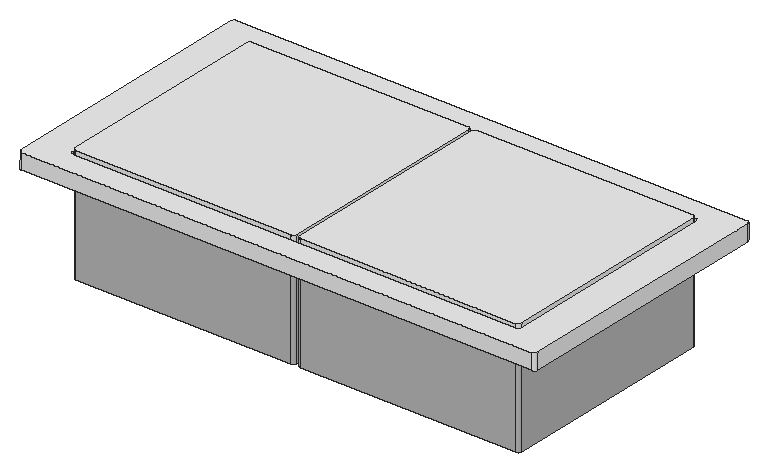
Revit family "Schneider_D-Life_2-elementos", category Electrical Fixtures, host Face, Revit 2015
Parameters (values of type "Estándar")
  Versión = "L2.00"  # constant formula
  Vacío.Espesor = 30 mm
  Tecla.Simetría [instance] = no
  Tecla.Perpendicular [instance] = no
  Símbolo2.dx.Control [instance] = Símbolo2.dx - 35 mm + Desfase * 0  # -55 mm
  Símbolo2.dx [instance] = -20 mm
  Símbolo1.dx.Control [instance] = Símbolo1.dx + 35 mm + Desfase * 0  # 55 mm
  Símbolo.dy [instance] = 40 mm
  Símbolo1.dx [instance] = 20 mm
  Símbolo.Giro [instance] = 0.00°
  Revisado por = "000"  # constant formula
  Modificado por = "000"  # constant formula
  Modelado por = "034"  # constant formula
  Marco.Tipo = Schneider_D-Life_Marco_2-elementos : Ártico
  Elemento2.Tipo = Schneider_D-Life_Mecanismo-Tecla_Accesorios-Zumbador : Timbre-Ártico
  Elemento1.Tipo = Schneider_D-Life_Mecanismo-Tecla_Accesorios-Zumbador : Timbre-Ártico
  Desfase.Z.Positivo [instance] = if(Desfase > 0 mm, Desfase, 0 mm)  # 0 mm
  Desfase.Z.Negativo [instance] = if(Desfase < 0 mm, -1 * Desfase, 0 mm)  # 0 mm
  Desfase [instance] = 0 mm
  Default Elevation = 1000 mm
  Autor.URL = "www.a3d.es"
  Autor = "A3D Consulting"  # constant formula
Reference planes
  plane 1 "Centro (Frontal/Posterior)": y = 0
  plane 2: z = 0
  plane 3 "Centro (Izquierda/Derecha)": x = 0
  plane 4 "Geometría.Z.Positivo": z = 0
  plane 5 "Geometría.Z.Negativo": z = 0
  plane 6 "Inferior": z = -30
Forms (mm)
  Sweep 1, void
    path origin (0, 0, 0) x (1, 0, 0) y (0, 0, 1)
      loop
        line (0, 0) -> (0, -30)
    profile origin (0, 0, -15) x (0, -1, 0) y (1, 0, 0)
      loop
        line (-35, 69.3) -> (-35, -69.3)
        arc (-35, -69.3) -> (-34.707, -70.007) -> (-34, -70.3) r 1
        line (-34, -70.3) -> (34, -70.3)
        arc (34, -70.3) -> (34.707, -70.007) -> (35, -69.3) r 1
        line (35, -69.3) -> (35, 69.3)
        arc (35, 69.3) -> (34.707, 70.007) -> (34, 70.3) r 1
        line (34, 70.3) -> (-34, 70.3)
        arc (-34, 70.3) -> (-34.707, 70.007) -> (-35, 69.3) r 1
Text (mm)
  text "A3D CONSULTING INTEGRATED BIM SOLUTIONS, S.L.\n\nCONTRATO DE LICENCIA DE USUARIO FINAL\n\n\n\n\n\nAVISO A LOS USUARIOS: LEA ATENTAMENTE EL SIGUIENTE CONTRATO ANTES DE CONTINUAR. EL USO DEL CONTENIDO BIM EN FORMATO REVIT QUE SE ACOMPAÑA DEL PRESENTE ACUERDO (\"CONTENIDO BIM A3D CONSULTING\") CONSTITUYE SU ACEPTACIÓN DE ESTOS TÉRMINOS. SI USTED NO ESTÁ DE ACUERDO CON LAS CONDICIONES DE ESTE ACUERDO NO ABRA, ACCEDA DIRECTA O INDIRECTAMENTE, MODIFIQUE,  COPIE NI USE EL CONTENIDO BIM A3D CONSULTING, NI TOTAL NI PARCIALMENTE. EL USO DEL CONTENIDO BIM A3D CONSULTING POR PARTE DEL USUARIO ESTÁ CONDICIONADO AL CUMPLIMIENTO POR EL MISMO DE LOS TÉRMINOS DE ESTE ACUERDO.\n\n\n\n1.\tDEFINICIONES\n\nEste contrato de licencia de usuario final para el Contenido BIM A3D Consulting (“CLUF”) constituye un acuerdo legal entre usted como usuario final (ya sea persona física o entidad legalmente reconocida) (el \"Titular de la licencia\") y A3D CONSULTING INTEGRATED BIM SOLUTIONS, S.L. para el Contenido BIM A3D Consulting que acompaña a este CLUF. El Contenido BIM A3D CONSULTING consiste en uno o varios archivos en formato Autodesk Revit, pudiendo incluir elementos y medios asociados, así como la documentación \"en línea\" o electrónica (\"Contenido BIM A3D Consulting \").\n\n\n\n2.\tCONCESIÓN DE LA LICENCIA\n\nA3D CONSULTING INTEGRATED BIM SOLUTIONS, S.L. le concede una licencia para utilizar y modificar el contenido BIM incluido en una copia de Contenido BIM A3D Consulting.  El \"Titular de la licencia \" designa a la empresa, entidad o persona física, cuyos fondos son utilizados para pagar la cuota de licencia. \"Uso\" designa la copia, el almacenaje, la carga, la instalación o la muestra del Contenido BIM A3D Consulting. En virtud del presente, el Titular de la licencia no puede alquilar, arrendar, ceder, prestar, vender ni sublicenciar el Contenido BIM A3D Consulting a otra persona física, empresa o entidad.\n\n\n\n3.\tPROPIEDAD\n\nA3D CONSULTING INTEGRATED BIM SOLUTIONS, S.L. es el propietario y el titular del copyright del Contenido BIM A3D Consulting. La licencia adquirida no confiere al Titular de la licencia ningún título o propiedad sobre el contenido y no debe interpretarse como una venta de ningún derecho.\n\n\n\n4.\tCOPYRIGHT\n\nEl Contenido BIM A3D Consulting está protegido por las leyes españolas del copyright, las disposiciones de los tratados internacionales y otras leyes aplicables. En virtud del presente, el Titular de la licencia reconoce que no se le transfiere ningún título de la propiedad intelectual de A3D CONSULTING INTEGRATED BIM SOLUTIONS, S.L.. Además, el Titular de la licencia reconoce que el título y todos los derechos de autor sobre el Contenido BIM A3D Consulting seguirán siendo propiedad exclusiva de A3D CONSULTING INTEGRATED BIM SOLUTIONS, S.L. y no adquirirá ningún derecho sobre el Contenido BIM A3D Consulting, a excepción de lo expresamente establecido en esta licencia.\n\n\n\n5.\tRESPONSABILIDAD\n\nEn virtud del presente, el Titular de la licencia acepta que defenderá, indemnizará y eximirá a A3D CONSULTING INTEGRATED BIM SOLUTIONS, S.L. de cualesquiera reclamaciones o responsabilidades derivadas del uso, uso indebido, distribución o ejecución del Contenido BIM A3D Consulting de A3D CONSULTING INTEGRATED BIM SOLUTIONS, S.L., incluyendo las reclamaciones presentadas en contra del Titular de la licencia por el uso de dicho  contenido. Asimismo, el Titular de la licencia acepta eximir de toda responsabilidad y proteger a A3D CONSULTING INTEGRATED BIM SOLUTIONS, S.L. frente a cualquier tipo de demandas civiles, legales o penales. Las cantidades derivadas de dichos procesos, incluyendo resoluciones y costas judiciales, correrán a cargo del Titular de la licencia.\n\n\n\n6.\tGARANTÍA\n\nDurante un periodo de 30 días, a contar a partir de la fecha de entrega del producto, A3D CONSULTING INTEGRATED BIM SOLUTIONS, S.L. garantiza que dicho producto está libre de defectos en los materiales y la mano de obra. En caso de incumplimiento de esta garantía, el Titular de la licencia recibirá como  única compensación el reemplazo del producto. El Contenido BIM A3D Consulting y cualquier documentación relacionada se proporcionan \"tal cual\", sin garantía de ningún tipo, ya sea expresa o implícita, incluyendo, a título enunciativo pero no limitativo, las garantías implícitas o comerciabilidad, la idoneidad para un propósito particular o la inexistencia de infracción. Cualquier riesgo derivado del uso o los resultados del Contenido BIM A3D Consulting correrá a cargo del licenciatario.\n\n\n\n7.\tLEGISLACIÓN APLICABLE\n\nTodos los aspectos del presente Contrato se regirán e interpretarán de conformidad con la legislación vigente en España.\n\n\n\n8.\tENMIENDAS\n\nA3D CONSULTING INTEGRATED BIM SOLUTIONS, S.L. se reserva el derecho de modificar este acuerdo en cualquier momento.\n\n\n\n9.\tAPLICABILIDAD\n\nEn caso de que alguna de las disposiciones de este acuerdo fuera nula o inaplicable, las partes acuerdan que dicha invalidez no afectará a la validez de las disposiciones restantes de este acuerdo.\n\n\n\n- FIN DEL CONTRATO DE LICENCIA DE USUARIO FINAL -\n\nBarcelona / España, 15.02.2015\n\nA3D CONSULTING INTEGRATED BIM SOLUTIONS, S.L." at (-2386.934, 1015.184, 0), in view "CLUF"
Dimensions and locks
  "Desfase.Z.Negativo": level to plane 5 "Geometría.Z.Negativo"
  "Desfase.Z.Positivo": plane 4 "Geometría.Z.Positivo" to plane 5 "Geometría.Z.Negativo"
  "Vacío.Espesor": plane 4 "Geometría.Z.Positivo" to plane 6 "Inferior"
  aligned and locked: plane 2 to host face
  aligned and locked: level to host face
  aligned and locked: plane 6 "Inferior" to Sweep 1 sketch curve
  aligned and locked: plane 5 "Geometría.Z.Negativo" to Sweep 1 sketch curve
  aligned and locked: Sweep 1 sketch curve to plane 3 "Centro (Izquierda/Derecha)"
  aligned and locked: plane 3 "Centro (Izquierda/Derecha)" to nested 1
  aligned and locked: plane 1 "Centro (Frontal/Posterior)" to nested 1
  aligned and locked: plane 1 "Centro (Frontal/Posterior)" to nested 3
Automatic sketch dimensions
  host sketch curve to host sketch curve = 2019.003 mm
  host sketch curve to host sketch curve = 2000 mm
  Sweep 1 sketch curve to plane 1 "Centro (Frontal/Posterior)" = 35 mm
  Sweep 1 sketch curve to Sweep 1 sketch curve = 1 mm  (x3)
  profile plane to Sweep 1 sketch curve = 69.3 mm
  plane 1 "Centro (Frontal/Posterior)" to Sweep 1 sketch curve = 34 mm
  Sweep 1 sketch curve to profile plane = 69.3 mm
  Sweep 1 sketch curve to Sweep 1 sketch curve = 0 mm
Nested families
  nested 1: "Schneider_D-Life_Marco_2-elementos" at (0, 0, 0), type <- "Marco.Tipo", type "Ártico"
    with Schneider.D-Life.Cost 3.52, Marco.Anchura.Control 7 mm, Marco.Anchura 84 mm
  nested 2: "Schneider_D-Life_Mecanismo-Tecla_Accesorios-Zumbador" at (-35.15, 0, 0), type <- "Elemento1.Tipo", Tecla.Perpendicular <- "Tecla.Perpendicular", Símbolo.dx <- "Símbolo2.dx", Símbolo.Simetría <- "Tecla.Simetría", Símbolo.dy <- "Símbolo.dy", Símbolo2.dx <- "Símbolo1.dx.Control", type "Timbre-Ártico"
    with Tecla.Perpendicular no, Símbolo2.dx 55 mm, Símbolo.dy 40 mm, Símbolo.dx -20 mm, Símbolo.Simetría no
  nested 3: "Schneider_D-Life_Mecanismo-Tecla_Accesorios-Zumbador" at (35.15, 0, 0), type <- "Elemento2.Tipo", Tecla.Perpendicular <- "Tecla.Perpendicular", Símbolo.Simetría <- "Tecla.Simetría", Símbolo.dx <- "Símbolo1.dx", Símbolo.dy <- "Símbolo.dy", Símbolo2.dx <- "Símbolo2.dx.Control", type "Timbre-Ártico"
    with Tecla.Perpendicular no, Símbolo2.dx -55 mm, Símbolo.dy 40 mm, Símbolo.dx 20 mm, Símbolo.Simetría no
  nested 4: "Schneider_D-Life_Mecanismo_Accesorios_Timbre-electrónico" at (-35.15, 0, 0), type "Timbre electrónico 5 melodías"
    with Símbolo2.dx 55 mm, Símbolo.dy.Control -40 mm, Símbolo.dy 40 mm, Símbolo.dx -20 mm, Símbolo.Simetría no, Símbolo.Control yes, Schneider.D-Life.Cost 60.08, Espesor 30 mm
  nested 5: "Schneider_D-Life_Tecla_Tapa_Tapa-ciega-zumbador" at (-35.15, 0, 1), type "Ártico"
    with Ángulo.Control 0.00°, Tecla.Perpendicular no, Schneider.D-Life.Cost 6.3
  nested 6: "Schneider_D-Life_Tecla_Tapa_Tapa-ciega-zumbador" at (35.15, 0, 1), type "Ártico"
    with Schneider.D-Life.Cost 6.3
  nested 7: "Schneider_D-Life_Mecanismo_Accesorios_Timbre-electrónico" at (35.15, 0, 0), type "Timbre electrónico 5 melodías"
    with Símbolo2.dx -55 mm, Símbolo.dy.Control -40 mm, Símbolo.dy 40 mm, Símbolo.dx 20 mm, Símbolo.Simetría no, Símbolo.Control yes, Schneider.D-Life.Cost 60.08, Espesor 30 mm
Definition of nested family "Schneider_D-Life_Marco_2-elementos"
  Parameters (values of type "Estándar")
    Tecla.Longitud.Control = Tecla.Longitud * 0.8 + Espesor * 0  # 56.24 mm
    Tecla.Anchura.Control = Tecla.Anchura * 0.8 + Espesor * 0  # 56 mm
    Soporte.Espesor = 1 mm
    Schneider.D-Life.Ud.Vta = ""
    Schneider.D-Life.Reference = ""
    Schneider.D-Life.Emb = ""
    Schneider.D-Life.Cost = 0
    Revisado por = "000"  # constant formula
    Modificado por = "000"  # constant formula
    Modelado por = "034"  # constant formula
    Marco.Longitud.Control = (Marco.Longitud - 2 * Tecla.Longitud) / 2  # 10.4 mm
    Marco.Longitud = 161.4 mm
    Marco.Anchura.Control = (Marco.Anchura - Tecla.Anchura) / 2  # 9.7 mm
    Marco.Anchura = 89.4 mm
    Juntas.Desfase = 0.5 mm
    Default Elevation = 1219.2 mm
    Cuerpo.Redondeo = 1 mm
    Tecla.Anchura = 70 mm
    Espesor = 5 mm
    Versión = "L2.00"  # constant formula
    Material = none
    Tecla.Longitud = 70.3 mm
    Autor.URL = "www.a3d.es"
    Autor = "A3D Consulting"  # constant formula
    Anclaje.Recrecido = 1.375 mm
  Reference planes
    plane 1 "Centro (Frontal/Posterior)": y = 0
    plane 2: z = 0
    plane 3 "Centro (Izquierda/Derecha)": x = 0
    plane 4 "Izquierda": x = -70.3
    plane 5 "Derecha": x = 70.3
    plane 6 "Posterior": y = 35
    plane 7 "Frontal": y = -35
    plane 8 "Tapa.Superior": z = 5
    plane 9 "Soporte.Cota": z = 1
    plane 10: x = -35.15
    plane 11: x = 35.15
  Forms (mm)
    Sweep 1, solid, material <- "Material"
      path origin (0, 0, 0) x (1, 0, 0) y (0, 0, 1)
        loop
          line (0, 5) -> (0, 0)
      profile origin (0, 0, 2.5) x (0, -1, 0) y (1, 0, 0)
        loop
          arc (-44.7, -79.7) -> (-44.407, -80.407) -> (-43.7, -80.7) r 1
          line (-43.7, -80.7) -> (43.7, -80.7)
          arc (43.7, -80.7) -> (44.407, -80.407) -> (44.7, -79.7) r 1
          line (44.7, -79.7) -> (44.7, 79.7)
          arc (44.7, 79.7) -> (44.407, 80.407) -> (43.7, 80.7) r 1
          line (43.7, 80.7) -> (-43.7, 80.7)
          arc (-43.7, 80.7) -> (-44.407, 80.407) -> (-44.7, 79.7) r 1
          line (-44.7, 79.7) -> (-44.7, -79.7)
        loop
          arc (-35, -69.3) -> (-34.707, -70.007) -> (-34, -70.3) r 1
          line (-34, -70.3) -> (34, -70.3)
          arc (34, -70.3) -> (34.707, -70.007) -> (35, -69.3) r 1
          line (35, -69.3) -> (35, 69.3)
          arc (35, 69.3) -> (34.707, 70.007) -> (34, 70.3) r 1
          line (34, 70.3) -> (-34, 70.3)
          arc (-34, 70.3) -> (-34.707, 70.007) -> (-35, 69.3) r 1
          line (-35, 69.3) -> (-35, -69.3)
    Sweep 2, solid, material <- "Material"
      path origin (0, 0, 0) x (1, 0, 0) y (0, 0, 1)
        loop
          line (0, 1) -> (0, 0)
      profile origin (0, 0, 0.5) x (0, -1, 0) y (1, 0, 0)
        loop
          arc (-35, -69.3) -> (-34.707, -70.007) -> (-34, -70.3) r 1
          line (-34, -70.3) -> (34, -70.3)
          arc (34, -70.3) -> (34.707, -70.007) -> (35, -69.3) r 1
          line (35, -69.3) -> (35, 69.3)
          arc (35, 69.3) -> (34.707, 70.007) -> (34, 70.3) r 1
          line (34, 70.3) -> (-34, 70.3)
          arc (-34, 70.3) -> (-34.707, 70.007) -> (-35, 69.3) r 1
          line (-35, 69.3) -> (-35, -69.3)
        loop
          line (-26.625, -51.197) -> (-26.625, -61.895) -> (-15.975, -61.895) -> (-15.975, -60.52) -> (-5.325, -60.52) -> (-5.325, -63.27) -> (5.325, -63.27) -> (5.325, -60.52) -> (15.975, -60.52) -> (15.975, -61.895) -> (26.625, -61.895) -> (26.625, -51.197) -> (25.25, -51.197) -> (25.25, -40.499) -> (28, -40.499) -> (28, -29.801) -> (25.25, -29.801) -> (25.25, -19.103) -> (26.625, -19.103) -> (26.625, -8.405) -> (15.975, -8.405) -> (15.975, -9.78) -> (5.325, -9.78) -> (5.325, -7.03) -> (-5.325, -7.03) -> (-5.325, -9.78) -> (-15.975, -9.78) -> (-15.975, -8.405) -> (-26.625, -8.405) -> (-26.625, -19.103) -> (-25.25, -19.103) -> (-25.25, -29.801) -> (-28, -29.801) -> (-28, -40.499) -> (-25.25, -40.499) -> (-25.25, -51.197) -> (-26.625, -51.197)
        loop
          line (-26.625, 19.103) -> (-26.625, 8.405) -> (-15.975, 8.405) -> (-15.975, 9.78) -> (-5.325, 9.78) -> (-5.325, 7.03) -> (5.325, 7.03) -> (5.325, 9.78) -> (15.975, 9.78) -> (15.975, 8.405) -> (26.625, 8.405) -> (26.625, 19.103) -> (25.25, 19.103) -> (25.25, 29.801) -> (28, 29.801) -> (28, 40.499) -> (25.25, 40.499) -> (25.25, 51.197) -> (26.625, 51.197) -> (26.625, 61.895) -> (15.975, 61.895) -> (15.975, 60.52) -> (5.325, 60.52) -> (5.325, 63.27) -> (-5.325, 63.27) -> (-5.325, 60.52) -> (-15.975, 60.52) -> (-15.975, 61.895) -> (-26.625, 61.895) -> (-26.625, 51.197) -> (-25.25, 51.197) -> (-25.25, 40.499) -> (-28, 40.499) -> (-28, 29.801) -> (-25.25, 29.801) -> (-25.25, 19.103) -> (-26.625, 19.103)
  Text (mm)
    text "A3D CONSULTING INTEGRATED BIM SOLUTIONS, S.L.\n\nCONTRATO DE LICENCIA DE USUARIO FINAL\n\n\n\n\n\nAVISO A LOS USUARIOS: LEA ATENTAMENTE EL SIGUIENTE CONTRATO ANTES DE CONTINUAR. EL USO DEL CONTENIDO BIM EN FORMATO REVIT QUE SE ACOMPAÑA DEL PRESENTE ACUERDO (\"CONTENIDO BIM A3D CONSULTING\") CONSTITUYE SU ACEPTACIÓN DE ESTOS TÉRMINOS. SI USTED NO ESTÁ DE ACUERDO CON LAS CONDICIONES DE ESTE ACUERDO NO ABRA, ACCEDA DIRECTA O INDIRECTAMENTE, MODIFIQUE,  COPIE NI USE EL CONTENIDO BIM A3D CONSULTING, NI TOTAL NI PARCIALMENTE. EL USO DEL CONTENIDO BIM A3D CONSULTING POR PARTE DEL USUARIO ESTÁ CONDICIONADO AL CUMPLIMIENTO POR EL MISMO DE LOS TÉRMINOS DE ESTE ACUERDO.\n\n\n\n1.\tDEFINICIONES\n\nEste contrato de licencia de usuario final para el Contenido BIM A3D Consulting (“CLUF”) constituye un acuerdo legal entre usted como usuario final (ya sea persona física o entidad legalmente reconocida) (el \"Titular de la licencia\") y A3D CONSULTING INTEGRATED BIM SOLUTIONS, S.L. para el Contenido BIM A3D Consulting que acompaña a este CLUF. El Contenido BIM A3D CONSULTING consiste en uno o varios archivos en formato Autodesk Revit, pudiendo incluir elementos y medios asociados, así como la documentación \"en línea\" o electrónica (\"Contenido BIM A3D Consulting \").\n\n\n\n2.\tCONCESIÓN DE LA LICENCIA\n\nA3D CONSULTING INTEGRATED BIM SOLUTIONS, S.L. le concede una licencia para utilizar y modificar el contenido BIM incluido en una copia de Contenido BIM A3D Consulting.  El \"Titular de la licencia \" designa a la empresa, entidad o persona física, cuyos fondos son utilizados para pagar la cuota de licencia. \"Uso\" designa la copia, el almacenaje, la carga, la instalación o la muestra del Contenido BIM A3D Consulting. En virtud del presente, el Titular de la licencia no puede alquilar, arrendar, ceder, prestar, vender ni sublicenciar el Contenido BIM A3D Consulting a otra persona física, empresa o entidad.\n\n\n\n3.\tPROPIEDAD\n\nA3D CONSULTING INTEGRATED BIM SOLUTIONS, S.L. es el propietario y el titular del copyright del Contenido BIM A3D Consulting. La licencia adquirida no confiere al Titular de la licencia ningún título o propiedad sobre el contenido y no debe interpretarse como una venta de ningún derecho.\n\n\n\n4.\tCOPYRIGHT\n\nEl Contenido BIM A3D Consulting está protegido por las leyes españolas del copyright, las disposiciones de los tratados internacionales y otras leyes aplicables. En virtud del presente, el Titular de la licencia reconoce que no se le transfiere ningún título de la propiedad intelectual de A3D CONSULTING INTEGRATED BIM SOLUTIONS, S.L.. Además, el Titular de la licencia reconoce que el título y todos los derechos de autor sobre el Contenido BIM A3D Consulting seguirán siendo propiedad exclusiva de A3D CONSULTING INTEGRATED BIM SOLUTIONS, S.L. y no adquirirá ningún derecho sobre el Contenido BIM A3D Consulting, a excepción de lo expresamente establecido en esta licencia.\n\n\n\n5.\tRESPONSABILIDAD\n\nEn virtud del presente, el Titular de la licencia acepta que defenderá, indemnizará y eximirá a A3D CONSULTING INTEGRATED BIM SOLUTIONS, S.L. de cualesquiera reclamaciones o responsabilidades derivadas del uso, uso indebido, distribución o ejecución del Contenido BIM A3D Consulting de A3D CONSULTING INTEGRATED BIM SOLUTIONS, S.L., incluyendo las reclamaciones presentadas en contra del Titular de la licencia por el uso de dicho  contenido. Asimismo, el Titular de la licencia acepta eximir de toda responsabilidad y proteger a A3D CONSULTING INTEGRATED BIM SOLUTIONS, S.L. frente a cualquier tipo de demandas civiles, legales o penales. Las cantidades derivadas de dichos procesos, incluyendo resoluciones y costas judiciales, correrán a cargo del Titular de la licencia.\n\n\n\n6.\tGARANTÍA\n\nDurante un periodo de 30 días, a contar a partir de la fecha de entrega del producto, A3D CONSULTING INTEGRATED BIM SOLUTIONS, S.L. garantiza que dicho producto está libre de defectos en los materiales y la mano de obra. En caso de incumplimiento de esta garantía, el Titular de la licencia recibirá como  única compensación el reemplazo del producto. El Contenido BIM A3D Consulting y cualquier documentación relacionada se proporcionan \"tal cual\", sin garantía de ningún tipo, ya sea expresa o implícita, incluyendo, a título enunciativo pero no limitativo, las garantías implícitas o comerciabilidad, la idoneidad para un propósito particular o la inexistencia de infracción. Cualquier riesgo derivado del uso o los resultados del Contenido BIM A3D Consulting correrá a cargo del licenciatario.\n\n\n\n7.\tLEGISLACIÓN APLICABLE\n\nTodos los aspectos del presente Contrato se regirán e interpretarán de conformidad con la legislación vigente en España.\n\n\n\n8.\tENMIENDAS\n\nA3D CONSULTING INTEGRATED BIM SOLUTIONS, S.L. se reserva el derecho de modificar este acuerdo en cualquier momento.\n\n\n\n9.\tAPLICABILIDAD\n\nEn caso de que alguna de las disposiciones de este acuerdo fuera nula o inaplicable, las partes acuerdan que dicha invalidez no afectará a la validez de las disposiciones restantes de este acuerdo.\n\n\n\n- FIN DEL CONTRATO DE LICENCIA DE USUARIO FINAL -\n\nBarcelona / España, 15.02.2015\n\nA3D CONSULTING INTEGRATED BIM SOLUTIONS, S.L." at (2.016, -2, 0), in view "CLUF"
  Dimensions and locks
    equal spacing: plane 4 "Izquierda", plane 3 "Centro (Izquierda/Derecha)", plane 5 "Derecha"
    equal spacing: plane 7 "Frontal", plane 1 "Centro (Frontal/Posterior)", plane 6 "Posterior"
    "Tecla.Anchura": plane 7 "Frontal" to plane 6 "Posterior"
    "Espesor": plane 8 "Tapa.Superior" to plane 2
    "Marco.Anchura.Control": Sweep 1 sketch curve to plane 6 "Posterior"
    "Marco.Anchura.Control": Sweep 1 sketch curve to plane 7 "Frontal"
    "Marco.Longitud.Control": Sweep 1 sketch curve to plane 4 "Izquierda"
    "Marco.Longitud.Control": plane 5 "Derecha" to Sweep 1 sketch curve
    "Tecla.Longitud": plane 4 "Izquierda" to plane 3 "Centro (Izquierda/Derecha)"
    "Tecla.Longitud": plane 3 "Centro (Izquierda/Derecha)" to plane 5 "Derecha"
    "Soporte.Espesor": plane 9 "Soporte.Cota" to plane 2
    equal spacing: plane 10, plane 3 "Centro (Izquierda/Derecha)", plane 11
    equal spacing: plane 4 "Izquierda", plane 10, plane 3 "Centro (Izquierda/Derecha)"
    equal spacing: Sweep 2 sketch curve, plane 10, Sweep 2 sketch curve
    equal spacing: Sweep 2 sketch curve, plane 1 "Centro (Frontal/Posterior)", Sweep 2 sketch curve  (x3)
    equal spacing: Sweep 2 sketch curve, Sweep 2 sketch curve, Sweep 2 sketch curve, Sweep 2 sketch curve, Sweep 2 sketch curve, Sweep 2 sketch curve  (x4)
    "Anclaje.Recrecido": Sweep 2 sketch curve to Sweep 2 sketch curve  (x16)
    "Tecla.Anchura.Control": Sweep 2 sketch curve to Sweep 2 sketch curve  (x2)
    "Tecla.Longitud.Control": Sweep 2 sketch curve to Sweep 2 sketch curve  (x2)
    equal spacing: Sweep 2 sketch curve, plane 11, Sweep 2 sketch curve
    "Cuerpo.Redondeo": radius of Sweep 1 sketch curve  (x8)
    "Cuerpo.Redondeo": radius of Sweep 2 sketch curve  (x4)
    aligned and locked: level to plane 2
    aligned and locked: plane 8 "Tapa.Superior" to Sweep 1 sketch curve
    aligned and locked: plane 2 to Sweep 1 sketch curve
    aligned and locked: Sweep 1 sketch curve to plane 3 "Centro (Izquierda/Derecha)"
    aligned and locked: plane 4 "Izquierda" to Sweep 1 sketch curve
    aligned and locked: Sweep 1 sketch curve to plane 7 "Frontal"
    aligned and locked: plane 5 "Derecha" to Sweep 1 sketch curve
    aligned and locked: Sweep 1 sketch curve to plane 6 "Posterior"
    aligned and locked: plane 2 to Sweep 2 sketch curve
    aligned and locked: plane 9 "Soporte.Cota" to Sweep 2 sketch curve
    aligned and locked: Sweep 2 sketch curve to plane 3 "Centro (Izquierda/Derecha)"
    aligned and locked: Sweep 2 sketch curve to plane 7 "Frontal"
    aligned and locked: plane 5 "Derecha" to Sweep 2 sketch curve
    aligned and locked: Sweep 2 sketch curve to plane 6 "Posterior"
    aligned and locked: plane 4 "Izquierda" to Sweep 2 sketch curve
    aligned and locked: Sweep 2 sketch curve to Sweep 2 sketch curve  (x30)
  Automatic sketch dimensions
    Sweep 2 sketch curve to plane 1 "Centro (Frontal/Posterior)" = 5.325 mm
Definition of nested family "Schneider_D-Life_Mecanismo_Accesorios_Timbre-electrónico"
  Parameters (values of type "Estándar")
    Tapa.Fondo.Espesor = 5 mm
    Símbolo2.dx [instance] = 0 mm
    Símbolo.dy.Control [instance] = -Símbolo.dy - Marco.Espesor * 0  # 0 mm
    Símbolo.dy [instance] = 0 mm
    Símbolo.dx [instance] = 0 mm
    Símbolo.Simetría [instance] = yes
    Símbolo.Control [instance] = not(Símbolo.Simetría)  # no
    Schneider.D-Life.Reference = ""
    Schneider.D-Life.Cost = 0
    Revisado por = "000"  # constant formula
    Marco.Espesor = 5 mm
    Agujero.Longitud = Longitud - Marco.Espesor * 2  # 60.3 mm
    Agujero.Anchura = Anchura - Marco.Espesor * 2  # 60 mm
    Modificado por = "000"  # constant formula
    Modelado por = "034"  # constant formula
    Juntas.Desfase = 0.5 mm
    Default Elevation = 1219.2 mm
    Cuerpo.Redondeo = 1 mm
    Anchura = 70 mm
    Espesor = 20 mm
    Versión = "L2.00"  # constant formula
    Material = none
    Longitud = 70.3 mm
    Autor.URL = "www.a3d.es"
    Autor = "A3D Consulting"  # constant formula
  Reference planes
    plane 1 "Centro (Frontal/Posterior)": y = 0
    plane 2: z = 0
    plane 3 "Centro (Izquierda/Derecha)": x = 0
    plane 4 "Izquierda": x = -35.15
    plane 5 "Derecha": x = 35.15
    plane 6 "Posterior": y = 35
    plane 7 "Frontal": y = -35
    plane 8 "Tecla.Izquierda": x = -34.65
    plane 9 "Tecla.Derecha": x = 34.65
    plane 10 "Tecla.Frontal": y = -34.5
    plane 11 "Tecla.Posterior": y = 34.5
    plane 12 "Mecanismo.Inferior": z = -20
    plane 13 "Tapa.Eje": z = -15
  Forms (mm)
    Sweep 1, void
      path origin (0, 34.5, 0) x (-1, 0, 0) y (0, 0, 1)
        loop
          line (34.65, 0) -> (34.65, -20)
      profile origin (-34.65, 34.5, -10) x (0, 1, 0) y (-1, 0, 0)
        loop
          line (0, 0) -> (-1, 0)
          arc (-1, 0) -> (-0.293, -0.293) -> (0, -1) r 1
          line (0, -1) -> (0, 0)
    Sweep 2, void
      path origin (38.686, 34.5, 0) x (-1, 0, 0) y (0, 0, 1)
        loop
          line (4.036, 0) -> (4.036, -20)
      profile origin (34.65, 34.5, -10) x (0, 1, 0) y (-1, 0, 0)
        loop
          line (0, 0) -> (0, 1)
          arc (0, 1) -> (-0.293, 0.293) -> (-1, 0) r 1
          line (-1, 0) -> (0, 0)
    Sweep 3, void
      path origin (0, -34.5, 0) x (-1, 0, 0) y (0, 0, 1)
        loop
          line (34.65, 0) -> (34.65, -20)
      profile origin (-34.65, -34.5, -10) x (0, 1, 0) y (-1, 0, 0)
        loop
          line (0, 0) -> (0, -1)
          arc (0, -1) -> (0.293, -0.293) -> (1, 0) r 1
          line (1, 0) -> (0, 0)
    Sweep 4, void
      path origin (0, -34.5, 0) x (-1, 0, 0) y (0, 0, 1)
        loop
          line (-34.65, 0) -> (-34.65, -20)
      profile origin (34.65, -34.5, -10) x (0, 1, 0) y (-1, 0, 0)
        loop
          line (0, 0) -> (1, 0)
          arc (1, 0) -> (0.293, 0.293) -> (0, 1) r 1
          line (0, 1) -> (0, 0)
    Sweep 5, solid, material <- "Material"
      path origin (0, 0, 0) x (1, 0, 0) y (0, 0, 1)
        loop
          line (0, -20) -> (0, -15)
      profile origin (0, 0, -17.5) x (-1, 0, 0) y (0, -1, 0)
        loop
          line (-34.65, -34.5) -> (34.65, -34.5) -> (34.65, 34.5) -> (-34.65, 34.5) -> (-34.65, -34.5)
    Sweep 6, solid, material <- "Material"
      path origin (0, 0, 0) x (1, 0, 0) y (0, 0, 1)
        loop
          line (0, 0) -> (0, -15)
      profile origin (0, 0, -7.5) x (0, -1, 0) y (1, 0, 0)
        loop
          line (-34.5, -34.65) -> (34.5, -34.65) -> (34.5, 34.65) -> (-34.5, 34.65) -> (-34.5, -34.65)
        loop
          arc (-30, -29.15) -> (-29.707, -29.857) -> (-29, -30.15) r 1
          line (-29, -30.15) -> (29, -30.15)
          arc (29, -30.15) -> (29.707, -29.857) -> (30, -29.15) r 1
          line (30, -29.15) -> (30, 29.15)
          arc (30, 29.15) -> (29.707, 29.857) -> (29, 30.15) r 1
          line (29, 30.15) -> (-29, 30.15)
          arc (-29, 30.15) -> (-29.707, 29.857) -> (-30, 29.15) r 1
          line (-30, 29.15) -> (-30, -29.15)
  Cuts and joins
    Sweep 1, Sweep 2, Sweep 3, Sweep 4 cuts Sweep 5
    Sweep 1, Sweep 2, Sweep 3, Sweep 4 cuts Sweep 6
    joined: Sweep 5, Sweep 6
  Text (mm)
    text "A3D CONSULTING INTEGRATED BIM SOLUTIONS, S.L.\n\nCONTRATO DE LICENCIA DE USUARIO FINAL\n\n\n\n\n\nAVISO A LOS USUARIOS: LEA ATENTAMENTE EL SIGUIENTE CONTRATO ANTES DE CONTINUAR. EL USO DEL CONTENIDO BIM EN FORMATO REVIT QUE SE ACOMPAÑA DEL PRESENTE ACUERDO (\"CONTENIDO BIM A3D CONSULTING\") CONSTITUYE SU ACEPTACIÓN DE ESTOS TÉRMINOS. SI USTED NO ESTÁ DE ACUERDO CON LAS CONDICIONES DE ESTE ACUERDO NO ABRA, ACCEDA DIRECTA O INDIRECTAMENTE, MODIFIQUE,  COPIE NI USE EL CONTENIDO BIM A3D CONSULTING, NI TOTAL NI PARCIALMENTE. EL USO DEL CONTENIDO BIM A3D CONSULTING POR PARTE DEL USUARIO ESTÁ CONDICIONADO AL CUMPLIMIENTO POR EL MISMO DE LOS TÉRMINOS DE ESTE ACUERDO.\n\n\n\n1.\tDEFINICIONES\n\nEste contrato de licencia de usuario final para el Contenido BIM A3D Consulting (“CLUF”) constituye un acuerdo legal entre usted como usuario final (ya sea persona física o entidad legalmente reconocida) (el \"Titular de la licencia\") y A3D CONSULTING INTEGRATED BIM SOLUTIONS, S.L. para el Contenido BIM A3D Consulting que acompaña a este CLUF. El Contenido BIM A3D CONSULTING consiste en uno o varios archivos en formato Autodesk Revit, pudiendo incluir elementos y medios asociados, así como la documentación \"en línea\" o electrónica (\"Contenido BIM A3D Consulting \").\n\n\n\n2.\tCONCESIÓN DE LA LICENCIA\n\nA3D CONSULTING INTEGRATED BIM SOLUTIONS, S.L. le concede una licencia para utilizar y modificar el contenido BIM incluido en una copia de Contenido BIM A3D Consulting.  El \"Titular de la licencia \" designa a la empresa, entidad o persona física, cuyos fondos son utilizados para pagar la cuota de licencia. \"Uso\" designa la copia, el almacenaje, la carga, la instalación o la muestra del Contenido BIM A3D Consulting. En virtud del presente, el Titular de la licencia no puede alquilar, arrendar, ceder, prestar, vender ni sublicenciar el Contenido BIM A3D Consulting a otra persona física, empresa o entidad.\n\n\n\n3.\tPROPIEDAD\n\nA3D CONSULTING INTEGRATED BIM SOLUTIONS, S.L. es el propietario y el titular del copyright del Contenido BIM A3D Consulting. La licencia adquirida no confiere al Titular de la licencia ningún título o propiedad sobre el contenido y no debe interpretarse como una venta de ningún derecho.\n\n\n\n4.\tCOPYRIGHT\n\nEl Contenido BIM A3D Consulting está protegido por las leyes españolas del copyright, las disposiciones de los tratados internacionales y otras leyes aplicables. En virtud del presente, el Titular de la licencia reconoce que no se le transfiere ningún título de la propiedad intelectual de A3D CONSULTING INTEGRATED BIM SOLUTIONS, S.L.. Además, el Titular de la licencia reconoce que el título y todos los derechos de autor sobre el Contenido BIM A3D Consulting seguirán siendo propiedad exclusiva de A3D CONSULTING INTEGRATED BIM SOLUTIONS, S.L. y no adquirirá ningún derecho sobre el Contenido BIM A3D Consulting, a excepción de lo expresamente establecido en esta licencia.\n\n\n\n5.\tRESPONSABILIDAD\n\nEn virtud del presente, el Titular de la licencia acepta que defenderá, indemnizará y eximirá a A3D CONSULTING INTEGRATED BIM SOLUTIONS, S.L. de cualesquiera reclamaciones o responsabilidades derivadas del uso, uso indebido, distribución o ejecución del Contenido BIM A3D Consulting de A3D CONSULTING INTEGRATED BIM SOLUTIONS, S.L., incluyendo las reclamaciones presentadas en contra del Titular de la licencia por el uso de dicho  contenido. Asimismo, el Titular de la licencia acepta eximir de toda responsabilidad y proteger a A3D CONSULTING INTEGRATED BIM SOLUTIONS, S.L. frente a cualquier tipo de demandas civiles, legales o penales. Las cantidades derivadas de dichos procesos, incluyendo resoluciones y costas judiciales, correrán a cargo del Titular de la licencia.\n\n\n\n6.\tGARANTÍA\n\nDurante un periodo de 30 días, a contar a partir de la fecha de entrega del producto, A3D CONSULTING INTEGRATED BIM SOLUTIONS, S.L. garantiza que dicho producto está libre de defectos en los materiales y la mano de obra. En caso de incumplimiento de esta garantía, el Titular de la licencia recibirá como  única compensación el reemplazo del producto. El Contenido BIM A3D Consulting y cualquier documentación relacionada se proporcionan \"tal cual\", sin garantía de ningún tipo, ya sea expresa o implícita, incluyendo, a título enunciativo pero no limitativo, las garantías implícitas o comerciabilidad, la idoneidad para un propósito particular o la inexistencia de infracción. Cualquier riesgo derivado del uso o los resultados del Contenido BIM A3D Consulting correrá a cargo del licenciatario.\n\n\n\n7.\tLEGISLACIÓN APLICABLE\n\nTodos los aspectos del presente Contrato se regirán e interpretarán de conformidad con la legislación vigente en España.\n\n\n\n8.\tENMIENDAS\n\nA3D CONSULTING INTEGRATED BIM SOLUTIONS, S.L. se reserva el derecho de modificar este acuerdo en cualquier momento.\n\n\n\n9.\tAPLICABILIDAD\n\nEn caso de que alguna de las disposiciones de este acuerdo fuera nula o inaplicable, las partes acuerdan que dicha invalidez no afectará a la validez de las disposiciones restantes de este acuerdo.\n\n\n\n- FIN DEL CONTRATO DE LICENCIA DE USUARIO FINAL -\n\nBarcelona / España, 15.02.2015\n\nA3D CONSULTING INTEGRATED BIM SOLUTIONS, S.L." at (2.016, -2, 0), in view "CLUF"
  Dimensions and locks
    equal spacing: plane 4 "Izquierda", plane 3 "Centro (Izquierda/Derecha)", plane 5 "Derecha"
    "Longitud": plane 4 "Izquierda" to plane 5 "Derecha"
    equal spacing: plane 7 "Frontal", plane 1 "Centro (Frontal/Posterior)", plane 6 "Posterior"
    "Anchura": plane 7 "Frontal" to plane 6 "Posterior"
    "Juntas.Desfase": plane 7 "Frontal" to plane 10 "Tecla.Frontal"
    "Juntas.Desfase": plane 6 "Posterior" to plane 11 "Tecla.Posterior"
    "Juntas.Desfase": plane 4 "Izquierda" to plane 8 "Tecla.Izquierda"
    "Juntas.Desfase": plane 9 "Tecla.Derecha" to plane 5 "Derecha"
    "Cuerpo.Redondeo": plane 8 "Tecla.Izquierda" to Sweep 1 sketch curve
    "Cuerpo.Redondeo": plane 11 "Tecla.Posterior" to Sweep 1 sketch curve
    "Cuerpo.Redondeo": Sweep 2 sketch curve to plane 9 "Tecla.Derecha"
    "Cuerpo.Redondeo": plane 11 "Tecla.Posterior" to Sweep 2 sketch curve
    "Cuerpo.Redondeo": plane 8 "Tecla.Izquierda" to Sweep 3 sketch curve
    "Cuerpo.Redondeo": Sweep 3 sketch curve to plane 10 "Tecla.Frontal"
    "Cuerpo.Redondeo": Sweep 4 sketch curve to plane 10 "Tecla.Frontal"
    "Cuerpo.Redondeo": Sweep 4 sketch curve to plane 9 "Tecla.Derecha"
    "Espesor": plane 2 to plane 12 "Mecanismo.Inferior"
    "Tapa.Fondo.Espesor": plane 13 "Tapa.Eje" to plane 12 "Mecanismo.Inferior"
    equal spacing: Sweep 6 sketch curve, plane 3 "Centro (Izquierda/Derecha)", Sweep 6 sketch curve
    "Agujero.Longitud": Sweep 6 sketch curve to Sweep 6 sketch curve
    equal spacing: Sweep 6 sketch curve, plane 1 "Centro (Frontal/Posterior)", Sweep 6 sketch curve
    "Agujero.Anchura": Sweep 6 sketch curve to Sweep 6 sketch curve
    "Cuerpo.Redondeo": radius of Sweep 1 sketch curve
    "Cuerpo.Redondeo": radius of Sweep 2 sketch curve
    "Cuerpo.Redondeo": radius of Sweep 3 sketch curve
    "Cuerpo.Redondeo": radius of Sweep 4 sketch curve
    "Cuerpo.Redondeo": radius of Sweep 6 sketch curve  (x4)
    aligned and locked: level to plane 2
    aligned and locked: Sweep 1 sketch curve to plane 8 "Tecla.Izquierda"
    aligned and locked: plane 8 "Tecla.Izquierda" to Sweep 1 sketch curve
    aligned and locked: Sweep 1 sketch curve to plane 11 "Tecla.Posterior"
    aligned and locked: Sweep 2 sketch curve to plane 9 "Tecla.Derecha"
    aligned and locked: plane 11 "Tecla.Posterior" to Sweep 2 sketch curve
    aligned and locked: plane 9 "Tecla.Derecha" to Sweep 2 sketch curve
    aligned and locked: Sweep 3 sketch curve to plane 8 "Tecla.Izquierda"  (x2)
    aligned and locked: Sweep 4 sketch curve to plane 9 "Tecla.Derecha"  (x2)
    aligned and locked: Sweep 3 sketch curve to plane 10 "Tecla.Frontal"
    aligned and locked: plane 10 "Tecla.Frontal" to Sweep 4 sketch curve
    aligned and locked: Sweep 5 sketch curve to plane 3 "Centro (Izquierda/Derecha)"
    aligned and locked: plane 13 "Tapa.Eje" to Sweep 6 sketch curve
    aligned and locked: Sweep 6 sketch curve to plane 3 "Centro (Izquierda/Derecha)"
    aligned and locked: plane 10 "Tecla.Frontal" to Sweep 6 sketch curve
    aligned and locked: Sweep 6 sketch curve to plane 9 "Tecla.Derecha"
    aligned and locked: Sweep 6 sketch curve to plane 11 "Tecla.Posterior"
    aligned and locked: plane 8 "Tecla.Izquierda" to Sweep 6 sketch curve
    aligned and locked: plane 12 "Mecanismo.Inferior" to Sweep 5 sketch curve
    aligned and locked: plane 13 "Tapa.Eje" to Sweep 5 sketch curve
    aligned and locked: plane 2 to Sweep 6 sketch curve
    aligned and locked: plane 12 "Mecanismo.Inferior" to Sweep 3 sketch curve
    aligned and locked: plane 2 to Sweep 3 sketch curve
    aligned and locked: plane 12 "Mecanismo.Inferior" to Sweep 1 sketch curve
    aligned and locked: plane 2 to Sweep 1 sketch curve
    aligned and locked: plane 12 "Mecanismo.Inferior" to Sweep 4 sketch curve
    aligned and locked: plane 2 to Sweep 4 sketch curve
    aligned and locked: plane 12 "Mecanismo.Inferior" to Sweep 2 sketch curve
    aligned and locked: plane 2 to Sweep 2 sketch curve
    aligned and locked: Sweep 5 sketch curve to plane 11 "Tecla.Posterior"
    aligned and locked: plane 8 "Tecla.Izquierda" to Sweep 5 sketch curve
    aligned and locked: Sweep 5 sketch curve to plane 9 "Tecla.Derecha"
    aligned and locked: plane 10 "Tecla.Frontal" to Sweep 5 sketch curve
  Nested families
    nested 1: "Schneider_Símbolo_Timbre" at (0, 0, 0) x (0, 1, 0) z (1, 0, 0), Desfase.X <- "Símbolo2.dx", Desfase.Y <- "Símbolo.dy", visible <- "Símbolo.Control", Visibilidad <- "Símbolo.Control", type "Estándar"
      with Visibilidad no, Desfase.Y.Positivo 0 mm, Desfase.Y.Negativo 0 mm, Desfase.Y 0 mm, Desfase.X.Positivo 0 mm, Desfase.X.Negativo 0 mm, Desfase.X 0 mm
    nested 2: "Schneider_Símbolo_Timbre" at (0, 0, 0) x (1, 0, 0) z (0, -1, 0), Desfase.X <- "Símbolo.dx", Desfase.Y <- "Símbolo.dy", visible <- "Símbolo.Control", Visibilidad <- "Símbolo.Control", type "Estándar"
      with Visibilidad no, Desfase.Y.Positivo 0 mm, Desfase.Y.Negativo 0 mm, Desfase.Y 0 mm, Desfase.X.Positivo 0 mm, Desfase.X.Negativo 0 mm, Desfase.X 0 mm
    nested 3: "Schneider_Símbolo_Timbre" at (0, 0, 100) x (0, 1, 0) z (1, 0, 0), Desfase.X <- "Símbolo2.dx", Desfase.Y <- "Símbolo.dy.Control", visible <- "Símbolo.Simetría", Visibilidad <- "Símbolo.Simetría", type "Estándar"
      with Visibilidad yes, Desfase.Y.Positivo 0 mm, Desfase.Y.Negativo 0 mm, Desfase.Y 0 mm, Desfase.X.Positivo 0 mm, Desfase.X.Negativo 0 mm, Desfase.X 0 mm
    nested 4: "Schneider_Símbolo_Timbre" at (0, 0, 100) x (1, 0, 0) z (0, -1, 0), Desfase.X <- "Símbolo.dx", Desfase.Y <- "Símbolo.dy.Control", Visibilidad <- "Símbolo.Simetría", visible <- "Símbolo.Simetría", type "Estándar"
      with Visibilidad yes, Desfase.Y.Positivo 0 mm, Desfase.Y.Negativo 0 mm, Desfase.Y 0 mm, Desfase.X.Positivo 0 mm, Desfase.X.Negativo 0 mm, Desfase.X 0 mm
  Definition of nested family "Schneider_Símbolo_Timbre"
    Parameters (values of type "Estándar")
      Versión = "L2.00"  # constant formula
      Desfase.Y [instance] = 0 mm
      Desfase.X [instance] = 0 mm
      Visibilidad [instance] = yes
      Revisado por = "000"  # constant formula
      Modificado por = "000"  # constant formula
      Modelado por = "000"  # constant formula
      Desfase.Y.Negativo [instance] = if(Desfase.Y < 0 mm, -1 * Desfase.Y, 0 mm)  # 0 mm
      Desfase.Y.Positivo [instance] = if(Desfase.Y > 0 mm, Desfase.Y, 0 mm)  # 0 mm
      Desfase.X.Negativo [instance] = if(Desfase.X < 0 mm, -1 * Desfase.X, 0 mm)  # 0 mm
      Desfase.X.Positivo [instance] = if(Desfase.X > 0 mm, Desfase.X, 0 mm)  # 0 mm
      Autor.URL = "www.a3d.es"
      Autor = "A3D Consulting"  # constant formula
    Reference planes
      plane 1 "Center (Front/Back)": y = 0
      plane 2: z = 0
      plane 3 "Center (Left/Right)": x = 0
      plane 4 "X.Positivo": x = 0
      plane 5 "X.Negativo": x = 0
      plane 6 "Y.Negativo": y = 0
      plane 7 "Y.Positivo": y = 0
    Lines and regions (mm)
      reference lines, in view "Ref. Level", not visible
        curve 1: line (0, 0, 0) -> (25, 0, 0)
      detail lines, in view "Ref. Level", not visible
        curve 2: circle (290.626, 267.526, 0) r 7.463 normal (0, 0, 1)
        curve 3: line (277.5, 299.89, 0) -> (322.5, 299.89, 0)
        curve 4: line (277.5, 254.89, 0) -> (277.5, 299.89, 0)
        curve 5: line (322.5, 254.89, 0) -> (277.5, 254.89, 0)
        curve 6: line (322.5, 299.89, 0) -> (322.5, 254.89, 0)
        curve 7: line (294.69, 273.786, 0) -> (309.688, 296.88, 0)
        curve 8: line (309.688, 296.88, 0) -> (317.009, 292.126, 0)
      detail lines, in view "Ref. Level", visible <- "Visibilidad"
        curve 9: line (-50, 100, 0) -> (50, 100, 0)
        curve 10: line (-50, 0, 0) -> (-50, 100, 0)
        curve 11: line (50, 0, 0) -> (-50, 0, 0)
        curve 12: line (50, 100, 0) -> (50, 0, 0)
        curve 13: line (-18.352, 30.209, 0) -> (-18.352, 54.195, 0)
        curve 14: line (18.352, 30.209, 0) -> (18.352, 54.195, 0)
        curve 15: line (28.352, 54.195, 0) -> (-28.352, 54.195, 0)
        curve 16: arc (28.352, 54.195, 0) -> (0, 76.266, 0) -> (-28.352, 54.195, 0) r 29.245
    Text (mm)
      text "A3D CONSULTING INTEGRATED BIM SOLUTIONS, S.L.\n\nCONTRATO DE LICENCIA DE USUARIO FINAL\n\n\n\n\n\nAVISO A LOS USUARIOS: LEA ATENTAMENTE EL SIGUIENTE CONTRATO ANTES DE CONTINUAR. EL USO DEL CONTENIDO BIM EN FORMATO REVIT QUE SE ACOMPAÑA DEL PRESENTE ACUERDO (\"CONTENIDO BIM A3D CONSULTING\") CONSTITUYE SU ACEPTACIÓN DE ESTOS TÉRMINOS. SI USTED NO ESTÁ DE ACUERDO CON LAS CONDICIONES DE ESTE ACUERDO NO ABRA, ACCEDA DIRECTA O INDIRECTAMENTE, MODIFIQUE,  COPIE NI USE EL CONTENIDO BIM A3D CONSULTING, NI TOTAL NI PARCIALMENTE. EL USO DEL CONTENIDO BIM A3D CONSULTING POR PARTE DEL USUARIO ESTÁ CONDICIONADO AL CUMPLIMIENTO POR EL MISMO DE LOS TÉRMINOS DE ESTE ACUERDO.\n\n\n\n1.\tDEFINICIONES\n\nEste contrato de licencia de usuario final para el Contenido BIM A3D Consulting (“CLUF”) constituye un acuerdo legal entre usted como usuario final (ya sea persona física o entidad legalmente reconocida) (el \"Titular de la licencia\") y A3D CONSULTING INTEGRATED BIM SOLUTIONS, S.L. para el Contenido BIM A3D Consulting que acompaña a este CLUF. El Contenido BIM A3D CONSULTING consiste en uno o varios archivos en formato Autodesk Revit, pudiendo incluir elementos y medios asociados, así como la documentación \"en línea\" o electrónica (\"Contenido BIM A3D Consulting \").\n\n\n\n2.\tCONCESIÓN DE LA LICENCIA\n\nA3D CONSULTING INTEGRATED BIM SOLUTIONS, S.L. le concede una licencia para utilizar y modificar el contenido BIM incluido en una copia de Contenido BIM A3D Consulting.  El \"Titular de la licencia \" designa a la empresa, entidad o persona física, cuyos fondos son utilizados para pagar la cuota de licencia. \"Uso\" designa la copia, el almacenaje, la carga, la instalación o la muestra del Contenido BIM A3D Consulting. En virtud del presente, el Titular de la licencia no puede alquilar, arrendar, ceder, prestar, vender ni sublicenciar el Contenido BIM A3D Consulting a otra persona física, empresa o entidad.\n\n\n\n3.\tPROPIEDAD\n\nA3D CONSULTING INTEGRATED BIM SOLUTIONS, S.L. es el propietario y el titular del copyright del Contenido BIM A3D Consulting. La licencia adquirida no confiere al Titular de la licencia ningún título o propiedad sobre el contenido y no debe interpretarse como una venta de ningún derecho.\n\n\n\n4.\tCOPYRIGHT\n\nEl Contenido BIM A3D Consulting está protegido por las leyes españolas del copyright, las disposiciones de los tratados internacionales y otras leyes aplicables. En virtud del presente, el Titular de la licencia reconoce que no se le transfiere ningún título de la propiedad intelectual de A3D CONSULTING INTEGRATED BIM SOLUTIONS, S.L.. Además, el Titular de la licencia reconoce que el título y todos los derechos de autor sobre el Contenido BIM A3D Consulting seguirán siendo propiedad exclusiva de A3D CONSULTING INTEGRATED BIM SOLUTIONS, S.L. y no adquirirá ningún derecho sobre el Contenido BIM A3D Consulting, a excepción de lo expresamente establecido en esta licencia.\n\n\n\n5.\tRESPONSABILIDAD\n\nEn virtud del presente, el Titular de la licencia acepta que defenderá, indemnizará y eximirá a A3D CONSULTING INTEGRATED BIM SOLUTIONS, S.L. de cualesquiera reclamaciones o responsabilidades derivadas del uso, uso indebido, distribución o ejecución del Contenido BIM A3D Consulting de A3D CONSULTING INTEGRATED BIM SOLUTIONS, S.L., incluyendo las reclamaciones presentadas en contra del Titular de la licencia por el uso de dicho  contenido. Asimismo, el Titular de la licencia acepta eximir de toda responsabilidad y proteger a A3D CONSULTING INTEGRATED BIM SOLUTIONS, S.L. frente a cualquier tipo de demandas civiles, legales o penales. Las cantidades derivadas de dichos procesos, incluyendo resoluciones y costas judiciales, correrán a cargo del Titular de la licencia.\n\n\n\n6.\tGARANTÍA\n\nDurante un periodo de 30 días, a contar a partir de la fecha de entrega del producto, A3D CONSULTING INTEGRATED BIM SOLUTIONS, S.L. garantiza que dicho producto está libre de defectos en los materiales y la mano de obra. En caso de incumplimiento de esta garantía, el Titular de la licencia recibirá como  única compensación el reemplazo del producto. El Contenido BIM A3D Consulting y cualquier documentación relacionada se proporcionan \"tal cual\", sin garantía de ningún tipo, ya sea expresa o implícita, incluyendo, a título enunciativo pero no limitativo, las garantías implícitas o comerciabilidad, la idoneidad para un propósito particular o la inexistencia de infracción. Cualquier riesgo derivado del uso o los resultados del Contenido BIM A3D Consulting correrá a cargo del licenciatario.\n\n\n\n7.\tLEGISLACIÓN APLICABLE\n\nTodos los aspectos del presente Contrato se regirán e interpretarán de conformidad con la legislación vigente en España.\n\n\n\n8.\tENMIENDAS\n\nA3D CONSULTING INTEGRATED BIM SOLUTIONS, S.L. se reserva el derecho de modificar este acuerdo en cualquier momento.\n\n\n\n9.\tAPLICABILIDAD\n\nEn caso de que alguna de las disposiciones de este acuerdo fuera nula o inaplicable, las partes acuerdan que dicha invalidez no afectará a la validez de las disposiciones restantes de este acuerdo.\n\n\n\n- FIN DEL CONTRATO DE LICENCIA DE USUARIO FINAL -\n\nBarcelona / España, 15.02.2015\n\nA3D CONSULTING INTEGRATED BIM SOLUTIONS, S.L." at (-1988.729, -511.825, 0), in view "Ref. Level"
      text "Esta Família es un detalle genérico y la categoría de las lineas es \"elemento de Detalle\".\n\nSi se quiere generar un detalle específico para una familia, hay que crear la subcategoria pertinente (Por ej. IE.ALUM, si fuera para un detalle de Alumbrado)" at (-498.677, 771.012, 0), in view "Ref. Level"
    Dimensions and locks
      "Desfase.X.Negativo": plane 5 "X.Negativo" to plane 3 "Center (Left/Right)"
      "Desfase.X.Positivo": plane 5 "X.Negativo" to plane 4 "X.Positivo"
      "Desfase.Y.Negativo": plane 6 "Y.Negativo" to plane 1 "Center (Front/Back)"
      "Desfase.Y.Positivo": plane 6 "Y.Negativo" to plane 7 "Y.Positivo"
      aligned and locked: plane 4 "X.Positivo" to curve 1
      aligned and locked: plane 7 "Y.Positivo" to curve 1
    Automatic sketch dimensions
      curve 1 to curve 1 = 25 mm
      curve 11 to curve 1 = 0 mm
      curve 11 to curve 1 = 50 mm
      curve 1 to curve 9 = 25 mm
      curve 1 to curve 10 = 100 mm
      curve 16 to curve 1 = 0 mm
      curve 1 to curve 16 = 47.021 mm
      curve 16 to curve 13 = 10 mm
      curve 14 to curve 1 = 6.648 mm
      curve 1 to curve 15 = 3.352 mm
      curve 1 to curve 13 = 30.209 mm
      curve 1 to curve 14 = 30.209 mm
      curve 13 to curve 16 = 23.986 mm
Definition of nested family "Schneider_D-Life_Tecla_Tapa_Tapa-ciega-zumbador"
  Parameters (values of type "Estándar")
    Ángulo.Control [instance] = if(Tecla.Perpendicular, 90.00°, 0.00°)  # 0.00°
    Version = "L2.00"  # constant formula
    Tecla.Perpendicular [instance] = no
    Schneider.D-Life.Reference = ""
    Schneider.D-Life.Cost = 0
    Revisado por = "000"  # constant formula
    Modificado por = "000"  # constant formula
    Modelado por = "034"  # constant formula
    Material = none
    Longitud = 70.3 mm
    Juntas.Desfase = 0.5 mm
    Espesor = 5 mm
    Default Elevation = 1219.2 mm
    Cuerpo.Redondeo = 1 mm
    Autor.URL = "www.a3d.es"
    Autor = "A3D Consulting"  # constant formula
    Anchura = 70 mm
  Reference planes
    plane 1 "Centro (Frontal/Posterior)": y = 0
    plane 2: z = 0
    plane 3 "Centro (Izquierda/Derecha)": x = 0
    plane 4 "Superior": z = 200
    plane 5 "Inferior": z = -200
  Lines and regions (mm)
    reference lines
      curve 1: line (0, 0, 0) -> (700, 0, 0)
      curve 2: line (0, 0, 0) -> (0, 240, 0)
  Text (mm)
    text "A3D CONSULTING INTEGRATED BIM SOLUTIONS, S.L.\n\nCONTRATO DE LICENCIA DE USUARIO FINAL\n\n\n\n\n\nAVISO A LOS USUARIOS: LEA ATENTAMENTE EL SIGUIENTE CONTRATO ANTES DE CONTINUAR. EL USO DEL CONTENIDO BIM EN FORMATO REVIT QUE SE ACOMPAÑA DEL PRESENTE ACUERDO (\"CONTENIDO BIM A3D CONSULTING\") CONSTITUYE SU ACEPTACIÓN DE ESTOS TÉRMINOS. SI USTED NO ESTÁ DE ACUERDO CON LAS CONDICIONES DE ESTE ACUERDO NO ABRA, ACCEDA DIRECTA O INDIRECTAMENTE, MODIFIQUE,  COPIE NI USE EL CONTENIDO BIM A3D CONSULTING, NI TOTAL NI PARCIALMENTE. EL USO DEL CONTENIDO BIM A3D CONSULTING POR PARTE DEL USUARIO ESTÁ CONDICIONADO AL CUMPLIMIENTO POR EL MISMO DE LOS TÉRMINOS DE ESTE ACUERDO.\n\n\n\n1.\tDEFINICIONES\n\nEste contrato de licencia de usuario final para el Contenido BIM A3D Consulting (“CLUF”) constituye un acuerdo legal entre usted como usuario final (ya sea persona física o entidad legalmente reconocida) (el \"Titular de la licencia\") y A3D CONSULTING INTEGRATED BIM SOLUTIONS, S.L. para el Contenido BIM A3D Consulting que acompaña a este CLUF. El Contenido BIM A3D CONSULTING consiste en uno o varios archivos en formato Autodesk Revit, pudiendo incluir elementos y medios asociados, así como la documentación \"en línea\" o electrónica (\"Contenido BIM A3D Consulting \").\n\n\n\n2.\tCONCESIÓN DE LA LICENCIA\n\nA3D CONSULTING INTEGRATED BIM SOLUTIONS, S.L. le concede una licencia para utilizar y modificar el contenido BIM incluido en una copia de Contenido BIM A3D Consulting.  El \"Titular de la licencia \" designa a la empresa, entidad o persona física, cuyos fondos son utilizados para pagar la cuota de licencia. \"Uso\" designa la copia, el almacenaje, la carga, la instalación o la muestra del Contenido BIM A3D Consulting. En virtud del presente, el Titular de la licencia no puede alquilar, arrendar, ceder, prestar, vender ni sublicenciar el Contenido BIM A3D Consulting a otra persona física, empresa o entidad.\n\n\n\n3.\tPROPIEDAD\n\nA3D CONSULTING INTEGRATED BIM SOLUTIONS, S.L. es el propietario y el titular del copyright del Contenido BIM A3D Consulting. La licencia adquirida no confiere al Titular de la licencia ningún título o propiedad sobre el contenido y no debe interpretarse como una venta de ningún derecho.\n\n\n\n4.\tCOPYRIGHT\n\nEl Contenido BIM A3D Consulting está protegido por las leyes españolas del copyright, las disposiciones de los tratados internacionales y otras leyes aplicables. En virtud del presente, el Titular de la licencia reconoce que no se le transfiere ningún título de la propiedad intelectual de A3D CONSULTING INTEGRATED BIM SOLUTIONS, S.L.. Además, el Titular de la licencia reconoce que el título y todos los derechos de autor sobre el Contenido BIM A3D Consulting seguirán siendo propiedad exclusiva de A3D CONSULTING INTEGRATED BIM SOLUTIONS, S.L. y no adquirirá ningún derecho sobre el Contenido BIM A3D Consulting, a excepción de lo expresamente establecido en esta licencia.\n\n\n\n5.\tRESPONSABILIDAD\n\nEn virtud del presente, el Titular de la licencia acepta que defenderá, indemnizará y eximirá a A3D CONSULTING INTEGRATED BIM SOLUTIONS, S.L. de cualesquiera reclamaciones o responsabilidades derivadas del uso, uso indebido, distribución o ejecución del Contenido BIM A3D Consulting de A3D CONSULTING INTEGRATED BIM SOLUTIONS, S.L., incluyendo las reclamaciones presentadas en contra del Titular de la licencia por el uso de dicho  contenido. Asimismo, el Titular de la licencia acepta eximir de toda responsabilidad y proteger a A3D CONSULTING INTEGRATED BIM SOLUTIONS, S.L. frente a cualquier tipo de demandas civiles, legales o penales. Las cantidades derivadas de dichos procesos, incluyendo resoluciones y costas judiciales, correrán a cargo del Titular de la licencia.\n\n\n\n6.\tGARANTÍA\n\nDurante un periodo de 30 días, a contar a partir de la fecha de entrega del producto, A3D CONSULTING INTEGRATED BIM SOLUTIONS, S.L. garantiza que dicho producto está libre de defectos en los materiales y la mano de obra. En caso de incumplimiento de esta garantía, el Titular de la licencia recibirá como  única compensación el reemplazo del producto. El Contenido BIM A3D Consulting y cualquier documentación relacionada se proporcionan \"tal cual\", sin garantía de ningún tipo, ya sea expresa o implícita, incluyendo, a título enunciativo pero no limitativo, las garantías implícitas o comerciabilidad, la idoneidad para un propósito particular o la inexistencia de infracción. Cualquier riesgo derivado del uso o los resultados del Contenido BIM A3D Consulting correrá a cargo del licenciatario.\n\n\n\n7.\tLEGISLACIÓN APLICABLE\n\nTodos los aspectos del presente Contrato se regirán e interpretarán de conformidad con la legislación vigente en España.\n\n\n\n8.\tENMIENDAS\n\nA3D CONSULTING INTEGRATED BIM SOLUTIONS, S.L. se reserva el derecho de modificar este acuerdo en cualquier momento.\n\n\n\n9.\tAPLICABILIDAD\n\nEn caso de que alguna de las disposiciones de este acuerdo fuera nula o inaplicable, las partes acuerdan que dicha invalidez no afectará a la validez de las disposiciones restantes de este acuerdo.\n\n\n\n- FIN DEL CONTRATO DE LICENCIA DE USUARIO FINAL -\n\nBarcelona / España, 15.02.2015\n\nA3D CONSULTING INTEGRATED BIM SOLUTIONS, S.L." at (2.016, -2, 0), in view "CLUF"
  Dimensions and locks
    plane 4 "Superior" to level = 200 mm
    locked: curve 1 to curve 2 (angle 90.00°)
    "Ángulo.Control": angle curve 2 to plane 3 "Centro (Izquierda/Derecha)"
    aligned and locked: level to plane 2
    aligned and locked: plane 1 "Centro (Frontal/Posterior)" to curve 2
    aligned and locked: plane 3 "Centro (Izquierda/Derecha)" to curve 2
    aligned and locked: nested 1 to curve 1
    aligned and locked: nested 1 to curve 2
  Nested families
    nested 1: "Schneider_D-Life_Cuerpo-tecla_Tecla-simple_M02" at (0, 0, 0), Material <- "Material", Anchura <- "Anchura", Espesor <- "Espesor", Longitud <- "Longitud", Cuerpo.Redondeo <- "Cuerpo.Redondeo", Juntas.Desfase <- "Juntas.Desfase", type "Estándar"
      with Material none, Longitud 70.3 mm, Juntas.Desfase 0.5 mm, Espesor 5 mm, Cuerpo.Redondeo 1 mm, Anchura 70 mm
  Definition of nested family "Schneider_D-Life_Cuerpo-tecla_Tecla-simple_M02"
    Parameters (values of type "Estándar")
      Revisado por = "000"  # constant formula
      Modificado por = "000"  # constant formula
      Modelado por = "034"  # constant formula
      Juntas.Desfase [instance] = 0.5 mm
      Default Elevation = 1219.2 mm
      Cuerpo.Redondeo [instance] = 1 mm
      Anchura [instance] = 70 mm
      Espesor [instance] = 5 mm
      Versión = "L2.00"  # constant formula
      Material [instance] = none
      Longitud [instance] = 70.3 mm
      Autor.URL = "www.a3d.es"
      Autor = "A3D Consulting"  # constant formula
    Reference planes
      plane 1 "Centro (Frontal/Posterior)": y = 0
      plane 2: z = 0
      plane 3 "Centro (Izquierda/Derecha)": x = 0
      plane 4 "Izquierda": x = -35.15
      plane 5 "Derecha": x = 35.15
      plane 6 "Posterior": y = 35
      plane 7 "Frontal": y = -35
      plane 8 "Tecla.Izquierda": x = -34.65
      plane 9 "Tecla.Derecha": x = 34.65
      plane 10 "Tecla.Frontal": y = -34.5
      plane 11 "Tecla.Posterior": y = 34.5
      plane 12 "Tapa.Superior": z = 5
    Forms (mm)
      Sweep 1, solid, material <- "Material"
        path origin (0, 0, 0) x (1, 0, 0) y (0, 1, 0)
          loop
            line (-34.65, 0) -> (34.65, 0)
        profile origin (0, 0, 0) x (0, 1, 0) y (0, 0, 1)
          loop
            line (-34.5, 0) -> (34.5, 0) -> (34.5, 5) -> (-34.5, 5) -> (-34.5, 0)
      Sweep 2, void
        path origin (0, 34.5, 0) x (-1, 0, 0) y (0, 0, 1)
          loop
            line (34.65, 5) -> (34.65, 0)
        profile origin (-34.65, 34.5, 2.5) x (0, 1, 0) y (-1, 0, 0)
          loop
            line (0, 0) -> (-1, 0)
            arc (-1, 0) -> (-0.293, -0.293) -> (0, -1) r 1
            line (0, -1) -> (0, 0)
      Sweep 3, void
        path origin (38.686, 34.5, 0) x (-1, 0, 0) y (0, 0, 1)
          loop
            line (4.036, 5) -> (4.036, 0)
        profile origin (34.65, 34.5, 2.5) x (0, 1, 0) y (-1, 0, 0)
          loop
            line (0, 0) -> (0, 1)
            arc (0, 1) -> (-0.293, 0.293) -> (-1, 0) r 1
            line (-1, 0) -> (0, 0)
      Sweep 4, void
        path origin (0, -34.5, 0) x (-1, 0, 0) y (0, 0, 1)
          loop
            line (34.65, 5) -> (34.65, 0)
        profile origin (-34.65, -34.5, 2.5) x (0, 1, 0) y (-1, 0, 0)
          loop
            line (0, 0) -> (0, -1)
            arc (0, -1) -> (0.293, -0.293) -> (1, 0) r 1
            line (1, 0) -> (0, 0)
      Sweep 5, void
        path origin (0, -34.5, 0) x (-1, 0, 0) y (0, 0, 1)
          loop
            line (-34.65, 5) -> (-34.65, 0)
        profile origin (34.65, -34.5, 2.5) x (0, 1, 0) y (-1, 0, 0)
          loop
            line (0, 0) -> (1, 0)
            arc (1, 0) -> (0.293, 0.293) -> (0, 1) r 1
            line (0, 1) -> (0, 0)
    Cuts and joins
      Sweep 2, Sweep 3, Sweep 4, Sweep 5 cuts Sweep 1
